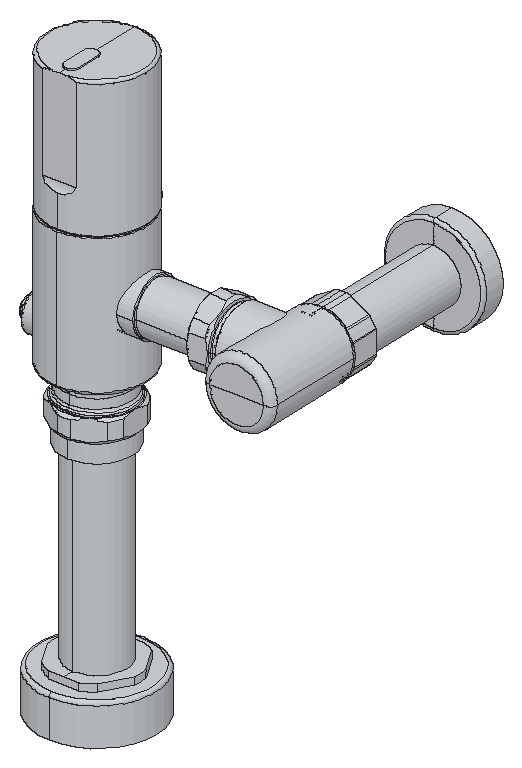
Revit family "Flushometer-Toilet_Touchless-KOHLER-Mach_Wave-K-40TH00K10", category Plumbing Fixtures, host Face, Revit 2021
Family settings
  Host = Face
  Round Connector Dimension = Use Diameter
  Part Type = Normal
  OmniClass Number = 23.27.31.00
  OmniClass Title = Valves
  Cut with Voids When Loaded = No
  Shared = No
  Room Calculation Point = No
Parameters (values of type "CP-Polished Chrome")
  Width [instance] = 5"
  WaterSense Certified = 1 = 1  # yes
  Waste Water Outlet = "Waste Water Outlet"  # constant formula
  Waste Connection = 1 = 0  # no
  Vent Connection = 1 = 0  # no
  URL = "https://www.us.kohler.com/us/"
  Type = 1
  Product Page URL = "http://www.us.kohler.com/us/catalog/productDetails.jsp?productNumber=40TH00K10"
  Product Name = "Mach Wave"  # constant formula
  Product Documentation Link = "https://www.us.kohler.com/webassets/kpna/catalog/pdf/en/K-40TH00K10_spec_US-CA_Kohler_en.pdf"
  Pressure = 80.00 psi  # constant formula
  Model = if(Type = 1, "K-40TH00K10-CP", "NA")  # "K-40TH00K10-CP"
  Material = "Premium Metal Construction"  # constant formula
  Master Format 2014 Name = "Control Valves"  # constant formula
  Master Format 2014 = "23 09 13.33"  # constant formula
  Manufacturer Address = "444 Highland Dr, Kohler, WI 53044"  # constant formula
  Manufacturer = "Kohler Co."  # constant formula
  Length [instance] = 5"
  Hot Water Inlet = "Hot Water Inlet"  # constant formula
  Height [instance] = 15"
  HW Connection = 1 = 0  # no
  Flush Rate- LPF = "3.8 LPF"  # constant formula
  Flush Rate- GPF = "1.0 GPF"  # constant formula
  Flow Rate = 25 GPM  # constant formula
  Finish = Kohler-Metal-CP-Polished_Chrome
  Environmental Product Declaration = ""
  Description = "Touchless toilet flushometer, HES-powered, 1.0 gpf"  # constant formula
  Default Elevation = 36"
  Declare Label = ""
  Date Modified = "04/28/2023"  # constant formula
  Date Created = "04/28/2023"  # constant formula
  Copyright = "Copyright Kohler Co."  # constant formula
  Contact Us = "https://www.us.kohler.com/us/static/contact.jsp"
  Cold Water Outlet = "Cold Water Outlet"  # constant formula
  Cold Water Inlet = "Cold Water Inlet"  # constant formula
  CW Connection = 1 = 1  # yes
  Assembly Code = "D2020"
  ADA Compliant = 1 = 1  # yes
Reference planes (in)
  plane 1 "Center (Front/Back)": y = 0
  plane 2: z = 0
  plane 3 "Center (Left/Right)": x = 0
  plane 4: y = 5
  plane 5: z = 15
  plane 6: x = 5
  plane 7: x = -1.74309
  plane 8: x = 1.50394
  plane 9: x = -1.50394
  plane 10: x = 6.2766
  plane 11: y = 1.55118
  plane 12: y = -1.50394
  plane 13: y = -0.65603
  plane 14: y = 0.65603
  plane 15: x = 3.7234
  plane 16: x = 4.31102
  plane 17: x = 5.69231
  plane 18: y = 1.50394
  plane 19: z = 9.70866
  plane 20: z = 8.57874
  plane 21: z = 10.98819
  plane 22: z = 8.42913
  plane 23: z = 10.39764
  plane 24: z = 9.01969
Dimensions and locks (in)
  "Length": plane 4 to plane 1 "Center (Front/Back)"
  "Height": level to plane 5
  "Width": plane 3 "Center (Left/Right)" to plane 6
  plane 9 to plane 8 = 3.00787"
  plane 3 "Center (Left/Right)" to plane 7 = 1.74309"
  plane 11 to plane 12 = 3.05512"  (x2)
  plane 16 to plane 17 = 1.38129"
  plane 15 to plane 10 = 2.5532"
  plane 15 to plane 6 = 1.2766"
  plane 6 to plane 10 = 1.2766"
  plane 16 to plane 6 = 0.68898"
  plane 6 to plane 17 = 0.69231"
  plane 5 to plane 19 = 5.29134"
  plane 21 to plane 19 = 1.27953"
  plane 5 to plane 20 = 6.42126"
  plane 19 to plane 22 = 1.27953"
  plane 19 to plane 23 = 0.68898"
  plane 24 to plane 19 = 0.68898"
  aligned and locked: plane 2 to host face
  aligned and locked: level to host face
  aligned and locked: plane 3 "Center (Left/Right)" to nested 1
  aligned and locked: plane 1 "Center (Front/Back)" to nested 1
  aligned and locked: plane 19 to nested 1
Automatic sketch dimensions
  host sketch curve to host sketch curve = 96"  (x2)
Nested families (in)
  nested 1: "K-40TH00K10" at (0, 0, -1.88583), type "K-40TH00K10"
    with Width 5", Length 5", Height 15"
Connectors (in)
  piping at (5, 5, 9.70866), diameter 1, driven by "Flow Rate", driven by "Pressure", driven by "CW Connection", driven by "Cold Water Inlet"
    settings: on nested 1, index 1, connector inside diameter 24", connector length 0", flow factor 0, pipe flow 25 GPM, pressure drop 80.00 psi, fitting loss kfactor 0, connector angle 0.00°, fixture units 0, engagement length 0", angle of deflection 0.00°, flow configuration 1, flow direction 1, fitting loss method 4, system type 20, joint type 0, gender type 0, connector reference index -1, connector utility 1, adjustable connector no, is connector primary yes, connector description "Cold Water Inlet"
  piping at (0, 0, 0), diameter 1, driven by "Flow Rate", driven by "Pressure", driven by "CW Connection", driven by "Cold Water Outlet"
    settings: on nested 1, index 2, connector inside diameter 24", connector length 0", flow factor 0, pipe flow 25 GPM, pressure drop 80.00 psi, fitting loss kfactor 0, connector angle 0.00°, fixture units 0, engagement length 0", angle of deflection 0.00°, flow configuration 1, flow direction 2, fitting loss method 4, system type 20, joint type 0, gender type 0, connector reference index -1, connector utility 1, adjustable connector no, is connector primary no, connector description "Cold Water Outlet"
Definition of nested family "K-40TH00K10"
  Parameters (values of type "K-40TH00K10")
    Width = 7.87402"
    Material = none
    Length = 7.87402"
    Height = 19.68504"
    Default Elevation = 0"
  Reference planes (in)
    plane 1 "Center (Front/Back)": y = 0
    plane 2: z = 0
    plane 3 "Center (Left/Right)": x = 0
    plane 4: z = 16.88583
    plane 5: z = 10.46457
    plane 6 "ad": z = 11.59449
    plane 7 "BBB": y = 1.55118
    plane 8: z = 12.87402
    plane 9: z = 10.31496
    plane 10: z = 10.90551
    plane 11: z = 12.28346
    plane 12: y = -0.75
    plane 13: y = 0.75
    plane 14: y = 1.50394
    plane 15: y = -1.50394
    plane 16: y = -1.81621
    plane 17: y = 7.87402
    plane 18: x = -1.74309
    plane 19: x = 9.15061
    plane 20 "fg": x = 7.87402
    plane 21: x = 5
    plane 22: z = 16.91027
    plane 23: z = -2.79921
    plane 24: z = -1.56506
    plane 25: z = -1.74641
    plane 26: x = 6.36614
    plane 27: x = 5.81455
    plane 28 "ZZ": through (0.83608, 0.83469, 48) normal (-0.7071, 0.7071, 0)
    plane 29: x = 1.50394
    plane 30: x = -1.50394
    plane 31: x = 6.59742
    plane 32: x = 7.05094
    plane 33: x = 8.69709
  Forms (in)
    Revolve 1, solid, material <- "Material", detail levels medium+fine
      sketch origin (0, 0, 0) x (0, 1, 0) y (0, 0, 1)
        loop
          line (1.33685, -1.74641) -> (1.33685, -1.65574) -> (1.24618, -1.56506) -> (0.75, -1.56506) -> (0.75, 8.21622) -> (0.87415, 8.21622) -> (0.87415, 8.01937) -> (0.91352, 8.01937) -> (0.91352, 8.49213) -> (1.10316, 8.49213) -> (1.10316, 9.08268) -> (0.93589, 9.08268) -> (0.93589, 9.11557) -> (0.89628, 9.15805)
          arc (0.89628, 9.15805) -> (0.87625, 9.18979) -> (0.86925, 9.22667) r 0.10063
          line (0.86925, 9.22667) -> (0.86925, 9.4666)
          arc (0.86925, 9.4666) -> (0.93451, 9.66059) -> (1.10376, 9.77569) r 0.32096
          arc (1.10376, 9.77569) -> (1.16418, 9.7865) -> (1.22555, 9.7856) r 0.32096
          arc (1.22555, 9.7856) -> (1.2514, 9.79388) -> (1.26248, 9.81866) r 0.03326
          line (1.26248, 9.81866) -> (1.26248, 13.32732)
          arc (1.26248, 13.32732) -> (1.25607, 13.3428) -> (1.24058, 13.34921) r 0.02189
          line (1.24058, 13.34921) -> (1.26068, 13.37687) -> (1.26068, 16.81946)
          arc (1.26068, 16.81946) -> (1.24124, 16.86639) -> (1.19431, 16.88583) r 0.06637
          line (1.19431, 16.88583) -> (0, 16.88583) -> (0, -2.79921) -> (1.50394, -2.79921) -> (1.50394, -1.83476)
          arc (1.50394, -1.83476) -> (1.47806, -1.77229) -> (1.41559, -1.74641) r 0.08835
          line (1.41559, -1.74641) -> (1.33685, -1.74641)
        axis (0, 16.88583) -> (0, -2.79921)
      angle from 0 to 360
    Revolve 2, solid, material <- "Material", detail levels medium+fine
      sketch origin (7.87402, 0, 0) x (0, 1, 0) y (0, 0, 1)
        loop
          line (7.27638, 12.28346) -> (0, 12.28346) -> (0, 11.59449) -> (7.87402, 11.59449) -> (7.87402, 12.87402) -> (7.35512, 12.87402)
          arc (7.35512, 12.87402) -> (7.29944, 12.85095) -> (7.27638, 12.79528) r 0.07874
          line (7.27638, 12.79528) -> (7.27638, 12.28346)
        axis (0, 11.59449) -> (7.87402, 11.59449)
      angle from 0 to 360
    Revolve 3, solid, material <- "Material", detail levels medium+fine
      sketch origin (0, 0, 11.58806) x (1, 0, 0) y (0, 1, 0)
        loop
          line (6.26449, 0) -> (7.87402, 0) -> (7.87402, 0.83626) -> (6.54273, 0.83626) -> (6.4713, 0.76483) -> (6.38852, 0.76483) -> (6.36614, 0.78721) -> (6.36614, 0.65603) -> (1.5036, 0.65603) -> (1.5036, 0.68677)
          arc (1.5036, 0.68677) -> (1.49718, 0.70226) -> (1.48169, 0.70868) r 0.02191
          line (1.48169, 0.70868) -> (0, 0.70868) -> (0, 0) -> (6.26449, 0)
        axis (0, 0) -> (7.87402, 0)
      angle from 0 to 360
    Extrusion 4, void
      sketch origin (0, 0, 0) x (1, 0, 0) y (0, 0, 1)
        loop
          arc (-1.35324, 10.92586) -> (-1.33306, 10.93126) -> (-1.31829, 10.94603) r 0.04035
          line (-1.31829, 10.94603) -> (-1.29626, 10.9842) -> (-1.54562, 10.9842) -> (-1.54562, 10.92586) -> (-1.35324, 10.92586)
        loop
          line (-1.35324, 9.99661) -> (-1.54562, 9.99661) -> (-1.54562, 9.93827) -> (-1.29626, 9.93827) -> (-1.31829, 9.97644)
          arc (-1.31829, 9.97644) -> (-1.33306, 9.99121) -> (-1.35324, 9.99661) r 0.04035
      from -0.88583 to 0.88583
    Extrusion 5, void
      sketch origin (0.01618, 0.00034, -7.84853) x (0.866025, 0.5, 0) y (-0.5, 0.866025, 0)
        loop
          arc (0.17321, 1.09734) -> (-0.0161, 1.11052) -> (-0.20494, 1.09164) r 1.12297
          line (-0.20494, 1.09164) -> (-0.87363, 0.70557)
          arc (-0.87363, 0.70557) -> (-0.97598, 0.55544) -> (-1.05279, 0.39078) r 1.12297
          line (-1.05279, 0.39078) -> (-1.05279, -0.35473)
          arc (-1.05279, -0.35473) -> (-0.9776, -0.53056) -> (-0.87367, -0.69109) r 1.12297
          line (-0.87367, -0.69109) -> (-0.21099, -1.07369)
          arc (-0.21099, -1.07369) -> (-0.0223, -1.09417) -> (0.16714, -1.08258) r 1.12297
          line (0.16714, -1.08258) -> (0.84888, -0.68897)
          arc (0.84888, -0.68897) -> (0.94866, -0.53992) -> (1.02343, -0.37687) r 1.12297
          line (1.02343, -0.37687) -> (1.02343, 0.41316)
          arc (1.02343, 0.41316) -> (0.93434, 0.57726) -> (0.81929, 0.72433) r 1.12297
          line (0.81929, 0.72433) -> (0.17321, 1.09734)
        loop
          circle (0, 0) r 1.5748
      from 6.10212 to 6.28346
    Revolve 6, solid, material <- "Material", detail levels medium+fine
      sketch origin (-0.02016, 0, 11.61417) x (1, 0, 0) y (0, 1, 0)
        loop
          line (7.89418, 0.88583) -> (7.89418, -1.82106) -> (8.57879, -1.82106)
          arc (8.57879, -1.82106) -> (8.71799, -1.76341) -> (8.77564, -1.62421) r 0.19685
          line (8.77564, -1.62421) -> (8.77564, 0.77447)
          arc (8.77564, 0.77447) -> (8.75397, 0.84266) -> (8.6969, 0.88583) r 0.11811
          line (8.6969, 0.88583) -> (7.89418, 0.88583)
        axis (7.89418, -1.82106) -> (7.89418, 0.88583)
      angle from 0 to 360
    Extrusion 7, void
      sketch origin (0, 0.05497, -0.00158) x (0, 1, 0) y (0, 0, 1)
        loop
          line (-1.23865, 17.00104) -> (-1.45635, 17.00104) -> (-1.45635, 14.10617)
          arc (-1.45635, 14.10617) -> (-1.29819, 14.23351) -> (-1.23865, 14.42762) r 0.34617
          line (-1.23865, 14.42762) -> (-1.23865, 17.00104)
      from -0.66165 to 0.49535
    Extrusion 8, solid, material <- "Material", detail levels medium+fine
      sketch origin (0, 0, 0) x (1, 0, 0) y (0, 1, 0)
        loop
          arc (0.18076, -0.20892) -> (0.00137, -0.02953) -> (-0.17801, -0.20892) r 0.17939
          line (-0.17801, -0.20892) -> (-0.17801, -0.79886)
          arc (-0.17801, -0.79886) -> (0.00137, -0.97825) -> (0.18076, -0.79886) r 0.17939
          line (0.18076, -0.79886) -> (0.18076, -0.20892)
      from 16.88583 to 16.91027
    Extrusion 9, solid, material <- "Material", detail levels medium+fine
      sketch origin (7.87402, 0.88583, 11.61417) x (1, 0, 0) y (0, 0, -1)
        loop
          line (-0.65572, -0.57183) -> (-0.20968, -0.82935)
          arc (-0.20968, -0.82935) -> (-0.14118, -0.85929) -> (-0.06775, -0.87333) r 0.3358
          arc (-0.06775, -0.87333) -> (0.00587, -0.87594) -> (0.07945, -0.87235) r 0.87596
          arc (0.07945, -0.87235) -> (0.14347, -0.85944) -> (0.20322, -0.83308) r 0.30239
          line (0.20322, -0.83308) -> (0.65572, -0.57183)
          arc (0.65572, -0.57183) -> (0.6705, -0.56136) -> (0.68309, -0.54835) r 0.09781
          arc (0.68309, -0.54835) -> (0.7586, -0.43798) -> (0.81643, -0.3174) r 0.87596
          arc (0.81643, -0.3174) -> (0.8214, -0.29998) -> (0.82308, -0.28195) r 0.09781
          line (0.82308, -0.28195) -> (0.82308, 0.28195)
          arc (0.82308, 0.28195) -> (0.8214, 0.29998) -> (0.81643, 0.3174) r 0.09781
          arc (0.81643, 0.3174) -> (0.7586, 0.43798) -> (0.68309, 0.54835) r 0.87596
          arc (0.68309, 0.54835) -> (0.6705, 0.56136) -> (0.65572, 0.57183) r 0.09781
          line (0.65572, 0.57183) -> (0.16736, 0.85378)
          arc (0.16736, 0.85378) -> (0.15091, 0.86135) -> (0.13334, 0.86575) r 0.09781
          arc (0.13334, 0.86575) -> (0, 0.87596) -> (-0.13334, 0.86575) r 0.87596
          arc (-0.13334, 0.86575) -> (-0.15091, 0.86135) -> (-0.16736, 0.85378) r 0.09781
          line (-0.16736, 0.85378) -> (-0.65572, 0.57183)
          arc (-0.65572, 0.57183) -> (-0.6705, 0.56136) -> (-0.68309, 0.54835) r 0.09781
          arc (-0.68309, 0.54835) -> (-0.7586, 0.43798) -> (-0.81643, 0.3174) r 0.87596
          arc (-0.81643, 0.3174) -> (-0.8214, 0.29998) -> (-0.82308, 0.28195) r 0.09781
          line (-0.82308, 0.28195) -> (-0.82308, -0.28195)
          arc (-0.82308, -0.28195) -> (-0.8214, -0.29998) -> (-0.81643, -0.3174) r 0.09781
          arc (-0.81643, -0.3174) -> (-0.7586, -0.43798) -> (-0.68309, -0.54835) r 0.87596
          arc (-0.68309, -0.54835) -> (-0.6705, -0.56136) -> (-0.65572, -0.57183) r 0.09781
      from -0.48031 to 0.66417
    Extrusion 10, void
      sketch origin (0, 0, 0) x (1, 0, 0) y (0, 1, 0)
        loop
          arc (0.17573, 1.03506) -> (0, 1.04987) -> (-0.17573, 1.03506) r 1.04987
          line (-0.17573, 1.03506) -> (-0.80852, 0.66972)
          arc (-0.80852, 0.66972) -> (-0.90921, 0.52493) -> (-0.98425, 0.36534) r 1.04987
          line (-0.98425, 0.36534) -> (-0.98425, -0.36534)
          arc (-0.98425, -0.36534) -> (-0.90921, -0.52493) -> (-0.80852, -0.66972) r 1.04987
          line (-0.80852, -0.66972) -> (-0.17573, -1.03506)
          arc (-0.17573, -1.03506) -> (0, -1.04987) -> (0.17573, -1.03506) r 1.04987
          line (0.17573, -1.03506) -> (0.80852, -0.66972)
          arc (0.80852, -0.66972) -> (0.90921, -0.52493) -> (0.98425, -0.36534) r 1.04987
          line (0.98425, -0.36534) -> (0.98425, 0.36534)
          arc (0.98425, 0.36534) -> (0.90921, 0.52493) -> (0.80852, 0.66972) r 1.04987
          line (0.80852, 0.66972) -> (0.17573, 1.03506)
        loop
          circle (0, 0) r 1.37795
      from 8.3214 to 9.25017
    Sweep 11, void
      path origin (0, 0, 0) x (1, 0, 0) y (0, 1, 0)
        loop
          circle (0, 0) r 1.04987
      profile origin (0, -1.04987, 0) x (0, -1, 0) y (0, 0, 1)
        loop
          line (0.06166, 8.95437) -> (0.06166, 9.13276) -> (-0.11673, 9.13276) -> (0.06166, 8.95437)
    Sweep 12, void
      path origin (0, 0, -0.59055) x (1, 0, 0) y (0, 1, 0)
        loop
          circle (0, 0) r 1.04987
      profile origin (0, -1.04987, -0.59055) x (0, -1, 0) y (0, 0, 1)
        loop
          line (0.04936, 9.23138) -> (-0.12903, 9.05298) -> (0.04936, 9.05298) -> (0.04936, 9.23138)
    Revolve 13, solid, material <- "Material", detail levels medium+fine
      sketch origin (0, 0, 11.59449) x (-1, 0, 0) y (0, -1, 0)
        loop
          line (-6.36614, -0.82794) -> (-6.29595, -0.89813) -> (-5.88475, -0.89813) -> (-5.81455, -0.82794) -> (-5.81455, -0.75927) -> (-5.88475, -0.72428) -> (-5.88475, -0.6893) -> (-5.81455, -0.6893) -> (-5.81455, -0.65603) -> (-6.36614, -0.65603) -> (-6.36614, -0.69238) -> (-6.29595, -0.69238) -> (-6.29595, -0.72428) -> (-6.36614, -0.75927) -> (-6.36614, -0.82794)
        axis (-5.81455, 0) -> (-6.36614, 0)
      angle from 0 to 360
    Extrusion 14, void
      sketch origin (0, 0, 0) x (0, 1, 0) y (0, 0, 1)
        loop
          arc (0.06794, 12.52899) -> (0, 12.53146) -> (-0.06794, 12.52899) r 0.93697
          line (-0.06794, 12.52899) -> (-0.77534, 12.12058)
          arc (-0.77534, 12.12058) -> (-0.81144, 12.06297) -> (-0.84327, 12.0029) r 0.93697
          line (-0.84327, 12.0029) -> (-0.84327, 11.18607)
          arc (-0.84327, 11.18607) -> (-0.81144, 11.126) -> (-0.77534, 11.0684) r 0.93697
          line (-0.77534, 11.0684) -> (-0.06794, 10.65998)
          arc (-0.06794, 10.65998) -> (0, 10.65752) -> (0.06794, 10.65998) r 0.93697
          line (0.06794, 10.65998) -> (0.77534, 11.0684)
          arc (0.77534, 11.0684) -> (0.81144, 11.126) -> (0.84327, 11.18607) r 0.93697
          line (0.84327, 11.18607) -> (0.84327, 12.0029)
          arc (0.84327, 12.0029) -> (0.81144, 12.06297) -> (0.77534, 12.12058) r 0.93697
          line (0.77534, 12.12058) -> (0.06794, 12.52899)
        loop
          circle (0, 11.59449) r 1.04291
      from 5.81455 to 6.36614
    Revolve 15, void
      sketch origin (0, 0, 13.56299) x (-1, 0, 0) y (0, -1, 0)
        loop
          line (-0.91321, -0.91181) -> (-0.73967, -0.73827) -> (-0.80782, -0.67012) -> (-0.98136, -0.84366) -> (-0.91321, -0.91181)
        axis (-0.91321, -0.91181) -> (-0.73967, -0.73827)
      angle from 0 to 360
    Revolve 16, solid, detail levels medium+fine
      sketch origin (0.00805, 0.01015, 13.55725) x (-1, 0, 0) y (0, -1, 0)
        loop
          line (-0.83608, -0.83469) -> (-0.86511, -0.86372) -> (-0.83774, -0.90281) -> (-0.86198, -0.92704) -> (-0.8397, -0.94931) -> (-0.80722, -0.94358) -> (-0.7672, -0.90357) -> (-0.83608, -0.83469)
        axis (-0.83608, -0.83469) -> (-0.8952, -0.89381)
      angle from 0 to 360
    Revolve 17, solid, material <- "Material", detail levels medium+fine
      sketch origin (0, 0, 0) x (1, 0, 0) y (0, 0, 1)
        loop
          line (-1.74309, 10.46457) -> (0, 10.46457) -> (0, 10.96545) -> (-1.50376, 10.96545)
          arc (-1.50376, 10.96545) -> (-1.51926, 10.95903) -> (-1.52568, 10.94352) r 0.02192
          line (-1.52568, 10.94352) -> (-1.52568, 10.81613)
          arc (-1.52568, 10.81613) -> (-1.52012, 10.80085) -> (-1.50603, 10.79272) r 0.02378
          line (-1.50603, 10.79272) -> (-1.41759, 10.77712) -> (-1.41759, 10.74033) -> (-1.72098, 10.74033)
          arc (-1.72098, 10.74033) -> (-1.73661, 10.73386) -> (-1.74309, 10.71823) r 0.0221
          line (-1.74309, 10.71823) -> (-1.74309, 10.46457)
        axis (-1.74309, 10.46457) -> (0, 10.46457)
      angle from 0 to 360
    Revolve 18, solid, material <- "Material", detail levels coarse
      sketch origin (0, 0, 0) x (1, 0, 0) y (0, 0, 1)
        loop
          line (-1.26068, 16.91027) -> (-1.26068, 9.78511) -> (-0.75, 9.78511) -> (-0.75, -1.56506) -> (-1.50394, -1.56506) -> (-1.50394, -2.79921) -> (0, -2.79921) -> (0, 16.91027) -> (-1.26068, 16.91027)
        axis (0, 16.91027) -> (0, -2.79921)
      angle from 0 to 360
    Revolve 19, solid, material <- "Material", detail levels coarse
      sketch origin (0, 0, 0) x (1, 0, 0) y (0, 0, 1)
        loop
          line (0, 12.28346) -> (0, 11.59449) -> (7.87402, 11.59449) -> (7.87402, 12.28346) -> (0, 12.28346)
        axis (0, 11.59449) -> (7.87402, 11.59449)
      angle from 0 to 360
    Revolve 20, solid, material <- "Material", detail levels coarse
      sketch origin (0, 0, 11.59449) x (-1, 0, 0) y (0, -1, 0)
        loop
          line (-7.87402, -7.87402) -> (-7.87402, 1.81621) -> (-8.77178, 1.81621) -> (-8.77178, -1.55) -> (-8.56633, -1.55) -> (-8.56633, -7.27638) -> (-9.15061, -7.27638) -> (-9.15061, -7.87402) -> (-7.87402, -7.87402)
        axis (-7.87402, -7.87402) -> (-7.87402, 1.81621)
      angle from 0 to 360
    Revolve 21, solid, material <- "Material", detail levels medium+fine
      sketch origin (0, 0, 11.59449) x (-1, 0, 0) y (0, -1, 0)
        loop
          line (-7.87402, -7.87402) -> (-7.87402, -7.67717) -> (-8.07087, -7.67717) -> (-8.07087, -7.87402) -> (-7.87402, -7.87402)
        axis (-7.87402, -7.67717) -> (-7.87402, -7.87402)
      angle from 0 to 360
    Revolve 22, solid, material <- "Material", detail levels medium+fine
      sketch origin (0, 0, 0) x (1, 0, 0) y (0, 0, 1)
        loop
          line (0, -2.79921) -> (0.19685, -2.79921) -> (0.19685, -2.40551) -> (0, -2.40551) -> (0, -2.79921)
        axis (0, -2.40551) -> (0, -2.79921)
      angle from 0 to 360
  Cuts and joins
    Extrusion 5, Extrusion 7, Extrusion 10, Sweep 11, Sweep 12, Revolve 15 cuts Revolve 1
    Extrusion 14 cuts Revolve 13
    Extrusion 4 cuts Revolve 17
  Lines and regions (in)
    Masking region 1
      outline origin (0, 0, 0) x (1, 0, 0) y (0, 0, 1)
        loop
          line (-0.75, -1.56506) -> (-1.09095, -1.56506) -> (-1.09095, -1.74641) -> (-1.42831, -1.74641)
          arc (-1.42831, -1.74641) -> (-1.48179, -1.76856) -> (-1.50394, -1.82204) r 0.07563
          line (-1.50394, -1.82204) -> (-1.50394, -2.79921) -> (1.50394, -2.79921) -> (1.50394, -1.84802)
          arc (1.50394, -1.84802) -> (1.47418, -1.77617) -> (1.40233, -1.74641) r 0.10161
          line (1.40233, -1.74641) -> (1.09582, -1.74641) -> (1.09582, -1.56506) -> (0.75, -1.56506) -> (0.75, 8.01937) -> (0.91352, 8.01937) -> (0.91352, 8.49213) -> (0.95053, 8.49213) -> (0.98425, 8.52585) -> (0.98425, 9.08268) -> (0.93589, 9.08268) -> (0.93589, 9.11557) -> (0.90058, 9.15088)
          arc (0.90058, 9.15088) -> (0.87624, 9.18731) -> (0.86769, 9.23029) r 0.1123
          line (0.86769, 9.23029) -> (0.86769, 9.45646)
          arc (0.86769, 9.45646) -> (0.96426, 9.68961) -> (1.19741, 9.78619) r 0.32972
          line (1.19741, 9.78619) -> (1.24003, 9.78619)
          arc (1.24003, 9.78619) -> (1.25591, 9.79276) -> (1.26248, 9.80864) r 0.02245
          line (1.26248, 9.80864) -> (1.26248, 10.88849) -> (1.48233, 10.88849)
          arc (1.48233, 10.88849) -> (1.49815, 10.89536) -> (1.50394, 10.91161) r 0.02165
          line (1.50394, 10.91161) -> (1.50394, 10.94488) -> (5.81455, 10.94488) -> (5.81455, 10.77985) -> (5.88475, 10.70965) -> (6.29595, 10.70965) -> (6.36614, 10.77985) -> (6.36614, 10.8137) -> (6.38852, 10.83608) -> (6.4713, 10.83608) -> (6.54298, 10.7644) -> (6.90029, 10.7644)
          arc (6.90029, 10.7644) -> (9.15354, 11.59449) -> (6.90029, 12.42458) r 1.27953
          line (6.90029, 12.42458) -> (6.54298, 12.42458) -> (6.4713, 12.3529) -> (6.38852, 12.3529) -> (6.36614, 12.37528) -> (6.36614, 12.40913) -> (6.29595, 12.47932) -> (5.88475, 12.47932) -> (5.81455, 12.40913) -> (5.81455, 12.24409) -> (1.50394, 12.24409) -> (1.50394, 12.27737)
          arc (1.50394, 12.27737) -> (1.49815, 12.29361) -> (1.48233, 12.30048) r 0.02165
          line (1.48233, 12.30048) -> (1.26248, 12.30048) -> (1.26248, 13.31641)
          arc (1.26248, 13.31641) -> (1.2565, 13.33613) -> (1.24058, 13.34921) r 0.03551
          line (1.24058, 13.34921) -> (1.26068, 13.37687) -> (1.26068, 16.79365)
          arc (1.26068, 16.79365) -> (1.23368, 16.85883) -> (1.1685, 16.88583) r 0.09218
          line (1.1685, 16.88583) -> (0.2052, 16.88583) -> (0.18076, 16.91027) -> (-0.17801, 16.91027) -> (-0.20245, 16.88583) -> (-1.1685, 16.88583)
          arc (-1.1685, 16.88583) -> (-1.23368, 16.85883) -> (-1.26068, 16.79365) r 0.09218
          line (-1.26068, 16.79365) -> (-1.26068, 13.37687) -> (-1.24058, 13.34921)
          arc (-1.24058, 13.34921) -> (-1.2565, 13.33613) -> (-1.26248, 13.31641) r 0.03551
          line (-1.26248, 13.31641) -> (-1.26248, 10.96577) -> (-1.31289, 10.96577)
          arc (-1.31289, 10.96577) -> (-1.32486, 10.93752) -> (-1.35324, 10.92586) r 0.04035
          line (-1.35324, 10.92586) -> (-1.52568, 10.92586) -> (-1.52568, 10.74182) -> (-1.71588, 10.74182)
          arc (-1.71588, 10.74182) -> (-1.73512, 10.73385) -> (-1.74309, 10.71462) r 0.0272
          line (-1.74309, 10.71462) -> (-1.74309, 10.21452)
          arc (-1.74309, 10.21452) -> (-1.73512, 10.19528) -> (-1.71588, 10.18731) r 0.0272
          line (-1.71588, 10.18731) -> (-1.52568, 10.18731) -> (-1.52568, 9.99661) -> (-1.35324, 9.99661)
          arc (-1.35324, 9.99661) -> (-1.32745, 9.9873) -> (-1.31357, 9.96366) r 0.04035
          line (-1.31357, 9.96366) -> (-1.26248, 9.96366) -> (-1.26248, 9.80864)
          arc (-1.26248, 9.80864) -> (-1.25591, 9.79276) -> (-1.24003, 9.78619) r 0.02245
          line (-1.24003, 9.78619) -> (-1.19741, 9.78619)
          arc (-1.19741, 9.78619) -> (-0.96426, 9.68961) -> (-0.86769, 9.45646) r 0.32972
          line (-0.86769, 9.45646) -> (-0.86769, 9.23029)
          arc (-0.86769, 9.23029) -> (-0.87624, 9.18731) -> (-0.90058, 9.15088) r 0.1123
          line (-0.90058, 9.15088) -> (-0.93589, 9.11557) -> (-0.93589, 9.08268) -> (-0.98425, 9.08268) -> (-0.98425, 8.52585) -> (-0.95053, 8.49213) -> (-0.91352, 8.49213) -> (-0.91352, 8.01937) -> (-0.75, 8.01937) -> (-0.75, -1.56506)
    Masking region 2
      outline origin (7.87402, 0, 0) x (0, 1, 0) y (0, 0, 1)
        loop
          line (1.50394, -2.79921) -> (1.50394, -1.82365)
          arc (1.50394, -1.82365) -> (1.48132, -1.76903) -> (1.4267, -1.74641) r 0.07724
          line (1.4267, -1.74641) -> (1.035, -1.74641) -> (1.035, -1.56506) -> (0.75, -1.56506) -> (0.75, 8.01937) -> (0.91352, 8.01937) -> (0.91352, 8.49213) -> (0.95053, 8.49213) -> (1.05008, 8.59168) -> (1.05008, 9.01582) -> (0.98322, 9.08268) -> (0.93589, 9.08268) -> (0.93589, 9.11557) -> (0.90806, 9.14339)
          arc (0.90806, 9.14339) -> (0.87975, 9.18577) -> (0.86981, 9.23576) r 0.13062
          line (0.86981, 9.23576) -> (0.86981, 9.45405)
          arc (0.86981, 9.45405) -> (0.96907, 9.69135) -> (1.20773, 9.7873) r 0.33328
          arc (1.20773, 9.7873) -> (1.24807, 9.80352) -> (1.26485, 9.84363) r 0.05634
          line (1.26485, 9.84363) -> (1.26485, 10.73822) -> (1.55, 10.73822) -> (1.55, 10.90551) -> (7.28847, 10.90551) -> (7.28847, 10.35433)
          arc (7.28847, 10.35433) -> (7.3, 10.32649) -> (7.32784, 10.31496) r 0.03937
          line (7.32784, 10.31496) -> (7.87402, 10.31496) -> (7.87402, 12.87402) -> (7.32784, 12.87402)
          arc (7.32784, 12.87402) -> (7.3, 12.86248) -> (7.28847, 12.83465) r 0.03937
          line (7.28847, 12.83465) -> (7.28847, 12.28346) -> (1.55, 12.28346) -> (1.55, 12.49013) -> (1.26485, 12.49013) -> (1.26485, 13.32888)
          arc (1.26485, 13.32888) -> (1.25746, 13.34471) -> (1.24058, 13.34921) r 0.02065
          line (1.24058, 13.34921) -> (1.26068, 13.37687) -> (1.26068, 16.82063)
          arc (1.26068, 16.82063) -> (1.24158, 16.86673) -> (1.19548, 16.88583) r 0.0652
          line (1.19548, 16.88583) -> (-0.00509, 16.88583) -> (-0.02953, 16.91027) -> (-0.97825, 16.91027) -> (-1.00269, 16.88583) -> (-1.14634, 16.88583)
          arc (-1.14634, 16.88583) -> (-1.17274, 16.87489) -> (-1.18368, 16.8485) r 0.03733
          line (-1.18368, 16.8485) -> (-1.18368, 14.42604)
          arc (-1.18368, 14.42604) -> (-1.20349, 14.31059) -> (-1.26068, 14.20836) r 0.34617
          line (-1.26068, 14.20836) -> (-1.26068, 13.37687) -> (-1.24058, 13.34921)
          arc (-1.24058, 13.34921) -> (-1.25746, 13.34471) -> (-1.26485, 13.32888) r 0.02065
          line (-1.26485, 13.32888) -> (-1.26485, 12.49782) -> (-1.61936, 12.49782)
          arc (-1.61936, 12.49782) -> (-1.75856, 12.44016) -> (-1.81621, 12.30097) r 0.19685
          line (-1.81621, 12.30097) -> (-1.81621, 10.93722)
          arc (-1.81621, 10.93722) -> (-1.75856, 10.79803) -> (-1.61936, 10.74037) r 0.19685
          line (-1.61936, 10.74037) -> (-1.26485, 10.74037) -> (-1.26485, 9.84363)
          arc (-1.26485, 9.84363) -> (-1.24807, 9.80352) -> (-1.20773, 9.7873) r 0.05634
          arc (-1.20773, 9.7873) -> (-0.96907, 9.69135) -> (-0.86981, 9.45405) r 0.33328
          line (-0.86981, 9.45405) -> (-0.86981, 9.23576)
          arc (-0.86981, 9.23576) -> (-0.87975, 9.18577) -> (-0.90806, 9.14339) r 0.13062
          line (-0.90806, 9.14339) -> (-0.93589, 9.11557) -> (-0.93589, 9.08268) -> (-0.98322, 9.08268) -> (-1.05008, 9.01582) -> (-1.05008, 8.59168) -> (-0.95053, 8.49213) -> (-0.91352, 8.49213) -> (-0.91352, 8.01937) -> (-0.75, 8.01937) -> (-0.75, -1.56506) -> (-1.035, -1.56506) -> (-1.035, -1.74641) -> (-1.41984, -1.74641)
          arc (-1.41984, -1.74641) -> (-1.47931, -1.77104) -> (-1.50394, -1.8305) r 0.0841
          line (-1.50394, -1.8305) -> (-1.50394, -2.79921) -> (1.50394, -2.79921)
    Masking region 3
      outline origin (0, 0, 11.59449) x (-1, 0, 0) y (0, -1, 0)
        loop
          line (-6.59742, -7.87402) -> (-6.59742, -7.27638) -> (-7.1817, -7.27638) -> (-7.1817, -1.55) -> (-7.05094, -1.55) -> (-7.05094, -0.89227)
          arc (-7.05094, -0.89227) -> (-7.03453, -0.85267) -> (-6.99493, -0.83626) r 0.05601
          line (-6.99493, -0.83626) -> (-6.54273, -0.83626) -> (-6.4713, -0.76483) -> (-6.38852, -0.76483) -> (-6.36614, -0.78721) -> (-6.36614, -0.84327) -> (-5.81455, -0.84327) -> (-5.81455, -0.65603) -> (-1.50394, -0.65603) -> (-1.50394, -0.70663) -> (-1.35217, -0.70663)
          arc (-1.35217, -0.70663) -> (0.11071, -1.52166) -> (1.44021, -0.50347) r 1.52568
          line (1.44021, -0.50347) -> (1.50394, -0.50347) -> (1.50394, -0.27671) -> (1.71677, -0.27671)
          arc (1.71677, -0.27671) -> (1.73538, -0.26901) -> (1.74309, -0.25039) r 0.02632
          line (1.74309, -0.25039) -> (1.74309, 0.25016)
          arc (1.74309, 0.25016) -> (1.73578, 0.2678) -> (1.71813, 0.27511) r 0.02495
          line (1.71813, 0.27511) -> (1.50394, 0.27511) -> (1.50394, 0.49727) -> (1.44237, 0.49727)
          arc (1.44237, 0.49727) -> (0.11336, 1.52146) -> (-1.35275, 0.70552) r 1.52568
          line (-1.35275, 0.70552) -> (-1.50394, 0.70552) -> (-1.50394, 0.65603) -> (-5.81455, 0.65603) -> (-5.81455, 0.84327) -> (-6.36614, 0.84327) -> (-6.36614, 0.78721) -> (-6.38852, 0.76483) -> (-6.4713, 0.76483) -> (-6.54273, 0.83626) -> (-6.97625, 0.83626) -> (-6.97625, 1.61936)
          arc (-6.97625, 1.61936) -> (-7.0339, 1.75856) -> (-7.1731, 1.81621) r 0.19685
          line (-7.1731, 1.81621) -> (-8.57493, 1.81621)
          arc (-8.57493, 1.81621) -> (-8.71413, 1.75856) -> (-8.77178, 1.61936) r 0.19685
          line (-8.77178, 1.61936) -> (-8.77178, -0.75)
          arc (-8.77178, -0.75) -> (-8.75188, -0.8275) -> (-8.69709, -0.88583) r 0.16085
          line (-8.69709, -0.88583) -> (-8.69709, -1.55) -> (-8.56633, -1.55) -> (-8.56633, -7.27638) -> (-9.15061, -7.27638) -> (-9.15061, -7.87402) -> (-6.59742, -7.87402)
    symbolic lines, detail levels medium+fine
      curve 1: line (-0.43385, 0, 14.42604) -> (-0.43385, 0, 16.88583)
      curve 2: line (0, 0, 14.20836) -> (-0.43385, 0, 14.42604)
      curve 3: line (0.43385, 0, 14.42604) -> (0, 0, 14.20836)
      curve 4: line (0.43385, 0, 16.88583) -> (0.43385, 0, 14.42604)
      curve 5: line (-1.26068, 0, 13.37687) -> (1.26068, 0, 13.37687)
      curve 6: line (-1.26248, 0, 13.31641) -> (1.26248, 0, 13.31641)
      curve 7: line (1.24058, 0, 13.34921) -> (-1.24058, 0, 13.34921)
      curve 8: line (1.24003, 0, 9.78619) -> (-1.24003, 0, 9.78619)
      curve 9: line (-0.86769, 0, 9.45646) -> (0.86769, 0, 9.45646)
      curve 10: line (0.86769, 0, 9.23029) -> (-0.86769, 0, 9.23029)
      curve 11: line (-0.93589, 0, 9.08268) -> (0.93589, 0, 9.08268)
      curve 12: line (0.93589, 0, 9.11557) -> (-0.93589, 0, 9.11557)
      curve 13: line (-0.91352, 0, 8.49213) -> (0.91352, 0, 8.49213)
      curve 14: line (-0.98425, 0, 8.52585) -> (0.98425, 0, 8.52585)
      curve 15: line (-0.75, 0, 8.01937) -> (0.75, 0, 8.01937)
      curve 16: line (-1.50394, 0, -1.82204) -> (1.50394, 0, -1.84802)
      curve 17: line (1.13798, 0, -1.74641) -> (-1.15561, 0, -1.74641)
      curve 18: line (-0.88867, 0, -1.56506) -> (0.88867, 0, -1.56506)
      curve 19: line (-1.31289, 0, 10.96577) -> (-1.31357, 0, 9.96366)
      curve 20: line (-1.35324, 0, 9.99661) -> (-1.35324, 0, 10.92586)
      curve 21: line (-1.71588, 0, 10.74182) -> (-1.71588, 0, 10.18731)
      curve 22: line (-1.52568, 0, 10.74182) -> (-1.52568, 0, 10.18731)
      curve 23: line (1.48233, 0, 12.30048) -> (1.48233, 0, 10.88849)
      curve 24: line (1.50394, 0, 12.24409) -> (1.50394, 0, 10.94488)
      curve 25: line (-0.80852, 0, 8.59147) -> (-0.80852, 0, 9.01603)
      curve 26: spline (-0.17573, 0, 9.01603) -> (-0.22675, 0, 9.03593) -> (-0.2787, 0, 9.05231) -> (-0.3314, 0, 9.06511) -> (-0.38466, 0, 9.07429) -> (-0.4383, 0, 9.07981) -> (-0.49213, 0, 9.08165) -> (-0.54595, 0, 9.07981) -> (-0.59959, 0, 9.07429) -> (-0.65285, 0, 9.06511) -> (-0.70555, 0, 9.05231) -> (-0.7575, 0, 9.03593) -> (-0.80852, 0, 9.01603)
      curve 27: line (-0.17573, 0, 8.59147) -> (-0.17573, 0, 9.01603)
      curve 28: line (-0.17573, 0, 9.01603) -> (0.17573, 0, 9.01603)
      curve 29: spline (0.80852, 0, 9.01603) -> (0.7575, 0, 9.03593) -> (0.70555, 0, 9.05231) -> (0.65285, 0, 9.06511) -> (0.59959, 0, 9.07429) -> (0.54595, 0, 9.07981) -> (0.49213, 0, 9.08165) -> (0.4383, 0, 9.07981) -> (0.38466, 0, 9.07429) -> (0.3314, 0, 9.06511) -> (0.2787, 0, 9.05231) -> (0.22675, 0, 9.03593) -> (0.17573, 0, 9.01603)
      curve 30: line (0.80852, 0, 8.59147) -> (0.80852, 0, 9.01603)
      curve 31: spline (0.17573, 0, 8.59147) -> (0.22675, 0, 8.57156) -> (0.2787, 0, 8.55518) -> (0.3314, 0, 8.54238) -> (0.38466, 0, 8.53321) -> (0.4383, 0, 8.52769) -> (0.49213, 0, 8.52585) -> (0.54595, 0, 8.52769) -> (0.59959, 0, 8.53321) -> (0.65285, 0, 8.54238) -> (0.70555, 0, 8.55518) -> (0.7575, 0, 8.57156) -> (0.80852, 0, 8.59147)
      curve 32: line (-0.17573, 0, 8.59147) -> (0.17573, 0, 8.59147)
      curve 33: spline (-0.80852, 0, 8.59147) -> (-0.7575, 0, 8.57156) -> (-0.70555, 0, 8.55518) -> (-0.65285, 0, 8.54238) -> (-0.59959, 0, 8.53321) -> (-0.54595, 0, 8.52769) -> (-0.49213, 0, 8.52585) -> (-0.4383, 0, 8.52769) -> (-0.38466, 0, 8.53321) -> (-0.3314, 0, 8.54238) -> (-0.2787, 0, 8.55518) -> (-0.22675, 0, 8.57156) -> (-0.17573, 0, 8.59147)
      curve 34: line (-0.98425, 0, 9.01603) -> (-0.80852, 0, 9.01603)
      curve 35: line (-0.98425, 0, 8.59147) -> (-0.80852, 0, 8.59147)
      curve 36: line (0.80852, 0, 8.59147) -> (0.98425, 0, 8.59147)
      curve 37: line (0.80852, 0, 9.01603) -> (0.98425, 0, 9.01603)
      curve 38: line (-0.71819, 0, -1.74641) -> (-0.71819, 0, -1.59819)
      curve 39: line (-0.39489, 0, -1.74641) -> (-0.39489, 0, -1.59819)
      curve 40: line (0.37031, 0, -1.74641) -> (0.37031, 0, -1.59819)
      curve 41: line (-1.07864, 0, -1.59819) -> (-1.07864, 0, -1.74641)
      curve 42: line (1.07864, 0, -1.59819) -> (1.07864, 0, -1.74641)
      curve 43: line (0.71819, 0, -1.74641) -> (0.71819, 0, -1.59819)
      curve 44: arc (-1.26248, 0, 10.96577) -> (-1.16227, 0, 10.46472) -> (-1.26248, 0, 9.96366) r 1.3027
      curve 45: arc (1.37241, 0, 12.30048) -> (1.31281, 0, 11.59449) -> (1.37241, 0, 10.88849) r 4.21141
      curve 46: line (-0.41417, 0, 16.88583) -> (-0.41417, 0, 14.43179)
      curve 47: line (0.41417, 0, 14.43179) -> (0.41417, 0, 16.88583)
      curve 48: line (-0.41417, 0, 14.43179) -> (0, 0, 14.22805)
      curve 49: line (0, 0, 14.22805) -> (0.41417, 0, 14.43179)
      curve 50: line (-0.43385, 0, 14.42604) -> (0.43385, 0, 14.42604)
      curve 51: line (-1.26068, 0, 16.79365) -> (1.26068, 0, 16.79365)
      curve 52: line (-0.20245, 0, 16.88583) -> (0.2052, 0, 16.88583)
      curve 53: line (7.87402, 1.26068, 16.82063) -> (7.87402, -1.18368, 16.81946)
      curve 54: line (7.87402, -0.00509, 16.88583) -> (7.87402, -1.00269, 16.88583)
      curve 55: line (7.87402, 1.24058, 13.34921) -> (7.87402, -1.24058, 13.34921)
      curve 56: line (7.87402, -1.26068, 13.37687) -> (7.87402, 1.26068, 13.37687)
      curve 57: line (7.87402, 1.26485, 13.32888) -> (7.87402, -1.26485, 13.32888)
      curve 58: line (7.87402, 1.26485, 12.48751) -> (7.87402, 1.26485, 10.72844)
      curve 59: line (7.87402, -1.26485, 12.49782) -> (7.87402, -1.26485, 10.74037)
      curve 60: line (7.87402, -1.61936, 12.49782) -> (7.87402, -1.61936, 10.74037)
      curve 61: arc (7.87402, 0, 9.96369) -> (7.87402, -0.50088, 10.46457) -> (7.87402, 0, 10.96545) r 0.50088
      curve 62: arc (7.87402, 0, 10.96545) -> (7.87402, 0.50088, 10.46457) -> (7.87402, 0, 9.96369) r 0.50088
      curve 63: line (7.87402, 0.1786, 9.99661) -> (7.87402, -0.1786, 9.99661)
      curve 64: line (7.87402, -0.19517, 10.92586) -> (7.87402, 0.19517, 10.92586)
      curve 65: circle (7.87402, 0, 10.46457) r 0.31255 normal (1, 0, 0)
      curve 66: circle (7.87402, 0, 10.46457) r 0.27576 normal (-1, 0, 0)
      curve 67: circle (7.87402, 0, 10.46457) r 0.28687 normal (1, 0, 0)
      curve 68: line (7.87402, 0.75, -1.56506) -> (7.87402, -0.75, -1.56506)
      curve 69: line (7.87402, 1.035, -1.74641) -> (7.87402, -1.035, -1.74641)
      curve 70: line (7.87402, -1.50394, -1.8305) -> (7.87402, 1.50394, -1.82365)
      curve 71: line (7.87402, 0.84326, -1.74641) -> (7.87402, 0.84326, -1.60335)
      curve 72: line (7.87402, 0.17456, -1.74641) -> (7.87402, 0.17456, -1.60335)
      curve 73: line (7.87402, -0.18763, -1.74641) -> (7.87402, -0.18763, -1.60335)
      curve 74: line (7.87402, -0.85364, -1.74641) -> (7.87402, -0.85364, -1.60335)
      curve 75: line (7.87402, -1.035, -1.60335) -> (7.87402, 1.035, -1.60335)
      curve 76: line (7.87402, 0.98322, 9.08268) -> (7.87402, -0.98322, 9.08268)
      curve 77: line (7.87402, -0.93589, 9.11557) -> (7.87402, 0.93589, 9.11557)
      curve 78: spline (7.87402, 0.66972, 9.01603) -> (7.87402, 0.69917, 9.03593) -> (7.87402, 0.72917, 9.05231) -> (7.87402, 0.75959, 9.06511) -> (7.87402, 0.79034, 9.07429) -> (7.87402, 0.82131, 9.07981) -> (7.87402, 0.85239, 9.08165) -> (7.87402, 0.88346, 9.07981) -> (7.87402, 0.91443, 9.07429) -> (7.87402, 0.94518, 9.06511) -> (7.87402, 0.97561, 9.05231) -> (7.87402, 1.0056, 9.03593) -> (7.87402, 1.03506, 9.01603)
      curve 79: line (7.87402, 1.03506, 8.59147) -> (7.87402, 1.03506, 9.01603)
      curve 80: spline (7.87402, 1.03506, 8.59147) -> (7.87402, 1.0056, 8.57156) -> (7.87402, 0.97561, 8.55518) -> (7.87402, 0.94518, 8.54238) -> (7.87402, 0.91443, 8.53321) -> (7.87402, 0.88346, 8.52769) -> (7.87402, 0.85239, 8.52585) -> (7.87402, 0.82131, 8.52769) -> (7.87402, 0.79034, 8.53321) -> (7.87402, 0.75959, 8.54238) -> (7.87402, 0.72917, 8.55518) -> (7.87402, 0.69917, 8.57156) -> (7.87402, 0.66972, 8.59147)
      curve 81: line (7.87402, 0.66972, 8.59147) -> (7.87402, 0.66972, 9.01603)
      curve 82: line (7.87402, 0.66972, 9.01603) -> (7.87402, 0.36534, 9.01603)
      curve 83: line (7.87402, 0.36534, 8.59147) -> (7.87402, 0.36534, 9.01603)
      curve 84: line (7.87402, 0.95053, 8.49213) -> (7.87402, -0.95053, 8.49213)
      curve 85: line (7.87402, 0.36534, 8.59147) -> (7.87402, 0.66972, 8.59147)
      curve 86: arc (7.87402, 0.36534, 8.59147) -> (7.87402, 0.18545, 8.54317) -> (7.87402, 0, 8.52585) r 1.10221
      curve 87: arc (7.87402, 0, 8.52585) -> (7.87402, -0.18545, 8.54317) -> (7.87402, -0.36534, 8.59147) r 1.10221
      curve 88: line (7.87402, -0.66972, 8.59147) -> (7.87402, -0.36534, 8.59147)
      curve 89: spline (7.87402, -0.66972, 8.59147) -> (7.87402, -0.69917, 8.57156) -> (7.87402, -0.72917, 8.55518) -> (7.87402, -0.75959, 8.54238) -> (7.87402, -0.79034, 8.53321) -> (7.87402, -0.82131, 8.52769) -> (7.87402, -0.85239, 8.52585) -> (7.87402, -0.88346, 8.52769) -> (7.87402, -0.91443, 8.53321) -> (7.87402, -0.94518, 8.54238) -> (7.87402, -0.97561, 8.55518) -> (7.87402, -1.0056, 8.57156) -> (7.87402, -1.03506, 8.59147)
      curve 90: line (7.87402, -1.03506, 8.59147) -> (7.87402, -1.03506, 9.01603)
      curve 91: spline (7.87402, -1.03506, 9.01603) -> (7.87402, -1.0056, 9.03593) -> (7.87402, -0.97561, 9.05231) -> (7.87402, -0.94518, 9.06511) -> (7.87402, -0.91443, 9.07429) -> (7.87402, -0.88346, 9.07981) -> (7.87402, -0.85239, 9.08165) -> (7.87402, -0.82131, 9.07981) -> (7.87402, -0.79034, 9.07429) -> (7.87402, -0.75959, 9.06511) -> (7.87402, -0.72917, 9.05231) -> (7.87402, -0.69917, 9.03593) -> (7.87402, -0.66972, 9.01603)
      curve 92: line (7.87402, -0.66972, 8.59147) -> (7.87402, -0.66972, 9.01603)
      curve 93: line (7.87402, -0.36534, 9.01603) -> (7.87402, -0.66972, 9.01603)
      curve 94: line (7.87402, -0.36534, 8.59147) -> (7.87402, -0.36534, 9.01603)
      curve 95: arc (7.87402, -0.36534, 9.01603) -> (7.87402, -0.1854, 9.06434) -> (7.87402, 0, 9.08268) r 1.13946
      curve 96: arc (7.87402, 0, 9.08268) -> (7.87402, 0.1854, 9.06434) -> (7.87402, 0.36534, 9.01603) r 1.13946
      curve 97: line (7.87402, 0.91352, 8.01937) -> (7.87402, -0.91352, 8.01937)
      curve 98: line (7.87402, 0.86981, 9.45405) -> (7.87402, -0.86981, 9.45405)
      curve 99: line (7.87402, -0.86981, 9.23576) -> (7.87402, 0.86981, 9.23576)
      curve 100: line (7.87402, 0.90806, 9.14339) -> (7.87402, -0.90806, 9.14339)
      curve 101: line (7.87402, 1.20773, 9.7873) -> (7.87402, -1.19845, 9.7873)
      curve 102: line (7.87402, -1.26485, 9.84363) -> (7.87402, 1.26485, 9.84363)
      curve 103: line (7.87402, 7.28847, 12.28346) -> (7.87402, 7.28847, 10.90551)
      curve 104: line (7.87402, 7.1811, 12.28346) -> (7.87402, 7.1811, 10.90551)
      curve 105: line (7.87402, 7.32784, 12.87402) -> (7.87402, 7.32784, 10.31496)
      curve 106: line (7.87402, 7.1811, 12.25603) -> (7.87402, 7.28847, 12.25603)
      curve 107: line (7.87402, 7.1811, 11.86144) -> (7.87402, 7.28847, 11.86144)
      curve 108: line (7.87402, 7.1811, 11.84127) -> (7.87402, 7.28847, 11.84127)
      curve 109: line (7.87402, 7.1811, 11.32753) -> (7.87402, 7.28847, 11.32753)
      curve 110: line (7.87402, 7.1811, 11.34771) -> (7.87402, 7.28847, 11.34771)
      curve 111: line (7.87402, 7.1811, 10.93295) -> (7.87402, 7.28847, 10.93295)
      curve 112: arc (1.26248, 0, 12.42027) -> (1.17942, 0, 11.58105) -> (1.26248, 0, 10.74182) r 4.28135
      curve 113: line (5.81455, 0.65603, 11.59449) -> (5.81455, -0.65603, 11.59449)
      curve 114: line (6.36614, 0.78721, 11.59449) -> (6.36614, -0.82794, 11.59449)
      curve 115: line (6.38852, 0.76483, 11.59449) -> (6.38852, -0.76483, 11.59449)
      curve 116: line (6.4713, 0.76483, 11.59449) -> (6.4713, -0.76483, 11.59449)
      curve 117: line (6.54273, 0.83626, 11.59449) -> (6.54273, -0.83626, 11.59449)
      curve 118: arc (6.99493, 0.83626, 11.59449) -> (7.31284, -0.00365, 11.59449) -> (6.97625, -0.83626, 11.59449) r 1.23221
      curve 119: line (6.97625, -1.61936, 11.59449) -> (8.77178, -1.61936, 11.59449)
      curve 120: line (5.88475, 0.6893, 11.59449) -> (6.29595, 0.6893, 11.59449)
      curve 121: line (6.29595, 0.15397, 11.59449) -> (5.88475, 0.15397, 11.59449)
      curve 122: line (5.88475, -0.15397, 11.59449) -> (6.29595, -0.15397, 11.59449)
      curve 123: line (6.29595, -0.6893, 11.59449) -> (5.88475, -0.6893, 11.59449)
      curve 124: spline (5.88475, 0.15397, 11.59449) -> (5.8681, 0.19716, 11.59449) -> (5.85441, 0.24113, 11.59449) -> (5.84371, 0.28571, 11.59449) -> (5.83604, 0.33076, 11.59449) -> (5.83143, 0.37612, 11.59449) -> (5.82989, 0.42164, 11.59449) -> (5.83143, 0.46715, 11.59449) -> (5.83604, 0.51251, 11.59449) -> (5.84371, 0.55756, 11.59449) -> (5.85441, 0.60214, 11.59449) -> (5.8681, 0.64611, 11.59449) -> (5.88475, 0.6893, 11.59449)
      curve 125: spline (6.29595, 0.6893, 11.59449) -> (6.31259, 0.64611, 11.59449) -> (6.32629, 0.60214, 11.59449) -> (6.33699, 0.55756, 11.59449) -> (6.34465, 0.51251, 11.59449) -> (6.34927, 0.46715, 11.59449) -> (6.35081, 0.42164, 11.59449) -> (6.34927, 0.37612, 11.59449) -> (6.34465, 0.33076, 11.59449) -> (6.33699, 0.28571, 11.59449) -> (6.32629, 0.24113, 11.59449) -> (6.31259, 0.19716, 11.59449) -> (6.29595, 0.15397, 11.59449)
      curve 126: spline (6.29595, -0.15397, 11.59449) -> (6.31259, -0.19716, 11.59449) -> (6.32629, -0.24113, 11.59449) -> (6.33699, -0.28571, 11.59449) -> (6.34465, -0.33076, 11.59449) -> (6.34927, -0.37612, 11.59449) -> (6.35081, -0.42164, 11.59449) -> (6.34927, -0.46715, 11.59449) -> (6.34465, -0.51251, 11.59449) -> (6.33699, -0.55756, 11.59449) -> (6.32629, -0.60214, 11.59449) -> (6.31259, -0.64611, 11.59449) -> (6.29595, -0.6893, 11.59449)
      curve 127: spline (5.88475, -0.6893, 11.59449) -> (5.8681, -0.64611, 11.59449) -> (5.85441, -0.60214, 11.59449) -> (5.84371, -0.55756, 11.59449) -> (5.83604, -0.51251, 11.59449) -> (5.83143, -0.46715, 11.59449) -> (5.82989, -0.42164, 11.59449) -> (5.83143, -0.37612, 11.59449) -> (5.83604, -0.33076, 11.59449) -> (5.84371, -0.28571, 11.59449) -> (5.85441, -0.24113, 11.59449) -> (5.8681, -0.19716, 11.59449) -> (5.88475, -0.15397, 11.59449)
      curve 128: line (5.88475, 0.6893, 11.59449) -> (5.88475, 0.84327, 11.59449)
      curve 129: line (6.29595, 0.6893, 11.59449) -> (6.29595, 0.84327, 11.59449)
      curve 130: line (5.88475, 0.15397, 11.59449) -> (5.88475, -0.15397, 11.59449)
      curve 131: line (5.88475, -0.6893, 11.59449) -> (5.88475, -0.84327, 11.59449)
      curve 132: line (6.29595, 0.15397, 11.59449) -> (6.29595, -0.15397, 11.59449)
      curve 133: line (6.29595, -0.6893, 11.59449) -> (6.29595, -0.84327, 11.59449)
      curve 134: line (7.05094, 0.89227, 11.59449) -> (8.69709, 0.88583, 11.59449)
      curve 135: line (7.1817, 1.55, 11.59449) -> (8.56633, 1.55, 11.59449)
      curve 136: line (7.18504, 7.27638, 11.59449) -> (8.56633, 7.27638, 11.59449)
      curve 137: line (1.50394, 0.65603, 11.59449) -> (1.50394, -0.65603, 11.59449)
      curve 138: line (6.59742, 7.31325, 11.59449) -> (9.15061, 7.31325, 11.59449)
      curve 139: line (6.97625, -0.83626, 11.59449) -> (8.77178, -0.83626, 11.59449)
      curve 140: line (7.2183, 1.55, 11.59449) -> (7.2183, 1.09723, 11.59449)
      curve 141: line (7.2183, 1.09723, 11.59449) -> (7.67896, 1.09723, 11.59449)
      curve 142: line (7.67896, 1.09723, 11.59449) -> (7.67896, 1.55, 11.59449)
      curve 143: line (8.07724, 1.55, 11.59449) -> (8.07724, 1.09723, 11.59449)
      curve 144: line (8.07724, 1.09723, 11.59449) -> (8.47094, 1.09723, 11.59449)
      curve 145: line (8.47094, 1.09723, 11.59449) -> (8.47094, 1.55, 11.59449)
      curve 146: line (7.1817, 1.55, 11.59449) -> (7.1817, 1.05491, 11.59449)
      curve 147: line (7.70666, 1.55, 11.59449) -> (7.70666, 1.05491, 11.59449)
      curve 148: line (8.04138, 1.55, 11.59449) -> (8.04138, 1.05491, 11.59449)
      curve 149: line (8.52974, 1.55, 11.59449) -> (8.52974, 1.05491, 11.59449)
      curve 150: arc (7.1817, 1.05491, 11.59449) -> (7.44418, 1.01675, 11.59449) -> (7.70666, 1.05491, 11.59449) r 0.92172
      curve 151: arc (8.04138, 1.05491, 11.59449) -> (8.28556, 1.01058, 11.59449) -> (8.52974, 1.05491, 11.59449) r 0.69467
      curve 152: arc (1.18297, 0.70663, 11.59449) -> (-0.11315, 1.3733, 11.59449) -> (-1.28268, 0.50347, 11.59449) r 1.37795
      curve 153: line (1.35217, 0.70663, 11.59449) -> (1.04403, 0.70663, 11.59449)
      curve 154: line (1.35275, -0.70552, 11.59449) -> (1.04478, -0.70552, 11.59449)
      curve 155: line (-1.50394, 0.27671, 11.59449) -> (-1.50394, -0.27511, 11.59449)
      curve 156: line (-1.71677, 0.27671, 11.59449) -> (-1.71677, -0.27507, 11.59449)
      curve 157: line (-1.44237, -0.49727, 11.59449) -> (-1.15846, -0.49727, 11.59449)
      curve 158: line (-1.44021, 0.50347, 11.59449) -> (-1.15578, 0.50347, 11.59449)
      curve 159: arc (-1.2851, -0.49727, 11.59449) -> (-0.11582, -1.37308, 11.59449) -> (1.18364, -0.70552, 11.59449) r 1.37795
      curve 160: line (-1.50394, 0.16144, 11.59449) -> (-1.34457, 0.16144, 11.59449)
      curve 161: line (-1.50394, -0.16368, 11.59449) -> (-1.34646, -0.16368, 11.59449)
      curve 162: line (-1.30709, -0.12431, 11.59449) -> (-1.30709, 0.12396, 11.59449)
      curve 163: arc (-1.34457, 0.16144, 11.59449) -> (-1.31806, 0.15046, 11.59449) -> (-1.30709, 0.12396, 11.59449) r 0.03748
      curve 164: arc (-1.34646, -0.16368, 11.59449) -> (-1.31862, -0.15215, 11.59449) -> (-1.30709, -0.12431, 11.59449) r 0.03937
      curve 165: line (-0.17801, -0.20892, 11.59449) -> (-0.17801, -0.79886, 11.59449)
      curve 166: line (0.18076, -0.20892, 11.59449) -> (0.18076, -0.79886, 11.59449)
      curve 167: arc (-0.17801, -0.20892, 11.59449) -> (0.00137, -0.02953, 11.59449) -> (0.18076, -0.20892, 11.59449) r 0.17939
      curve 168: arc (-0.17801, -0.79886, 11.59449) -> (0.00137, -0.97825, 11.59449) -> (0.18076, -0.79886, 11.59449) r 0.17939
      curve 169: arc (-0.6713, -1.20338, 11.59449) -> (0, -1.11776, 11.59449) -> (0.6713, -1.20338, 11.59449) r 2.67453
      curve 170: arc (0.48758, -1.16258, 11.59449) -> (0, 1.26068, 11.59449) -> (-0.48758, -1.16258, 11.59449) r 1.26068
      curve 171: arc (-1.39345, -0.49727, 11.59449) -> (-0.1117, -1.49634, 11.59449) -> (1.30803, -0.70552, 11.59449) r 1.47116
      curve 172: arc (1.27509, 0.70663, 11.59449) -> (-0.1113, 1.4373, 11.59449) -> (-1.36984, 0.50347, 11.59449) r 1.47116
      curve 173: line (5.88475, 0, 11.90356) -> (6.29595, 0, 11.90356)
      curve 174: line (6.29595, 0, 12.17025) -> (5.88475, 0, 12.17025)
      curve 175: line (6.29595, 0, 11.28541) -> (5.88475, 0, 11.28541)
      curve 176: line (5.88475, 0, 11.01873) -> (6.29595, 0, 11.01873)
      curve 177: line (5.81455, 0, 12.24409) -> (5.81455, 0, 10.94488)
      curve 178: line (6.36614, 0, 12.37528) -> (6.36614, 0, 10.77985)
      curve 179: line (5.88475, 0, 12.17025) -> (5.88475, 0, 11.90356)
      curve 180: line (6.29595, 0, 12.17025) -> (6.29595, 0, 11.90356)
      curve 181: line (6.29595, 0, 11.28541) -> (6.29595, 0, 11.01873)
      curve 182: spline (5.88475, 0, 10.70965) -> (5.8681, 0, 10.73459) -> (5.85441, 0, 10.75998) -> (5.84371, 0, 10.78572) -> (5.83604, 0, 10.81172) -> (5.83143, 0, 10.83791) -> (5.82989, 0, 10.86419) -> (5.83143, 0, 10.89047) -> (5.83604, 0, 10.91666) -> (5.84371, 0, 10.94267) -> (5.85441, 0, 10.96841) -> (5.8681, 0, 10.99379) -> (5.88475, 0, 11.01873)
      curve 183: spline (6.29595, 0, 11.01873) -> (6.31259, 0, 10.99379) -> (6.32629, 0, 10.96841) -> (6.33699, 0, 10.94267) -> (6.34465, 0, 10.91666) -> (6.34927, 0, 10.89047) -> (6.35081, 0, 10.86419) -> (6.34927, 0, 10.83791) -> (6.34465, 0, 10.81172) -> (6.33699, 0, 10.78572) -> (6.32629, 0, 10.75998) -> (6.31259, 0, 10.73459) -> (6.29595, 0, 10.70965)
      curve 184: arc (6.35081, 0, 11.59449) -> (6.33635, 0, 11.43765) -> (6.29595, 0, 11.28541) r 0.94183
      curve 185: arc (5.88475, 0, 11.28541) -> (5.84435, 0, 11.43765) -> (5.82989, 0, 11.59449) r 0.94183
      curve 186: arc (5.82989, 0, 11.59449) -> (5.84435, 0, 11.75133) -> (5.88475, 0, 11.90356) r 0.94183
      curve 187: arc (6.29595, 0, 11.90356) -> (6.33635, 0, 11.75133) -> (6.35081, 0, 11.59449) r 0.94183
      curve 188: spline (5.88475, 0, 12.17025) -> (5.8681, 0, 12.19519) -> (5.85441, 0, 12.22057) -> (5.84371, 0, 12.24631) -> (5.83604, 0, 12.27232) -> (5.83143, 0, 12.29851) -> (5.82989, 0, 12.32478) -> (5.83143, 0, 12.35106) -> (5.83604, 0, 12.37725) -> (5.84371, 0, 12.40326) -> (5.85441, 0, 12.429) -> (5.8681, 0, 12.45438) -> (5.88475, 0, 12.47932)
      curve 189: spline (6.29595, 0, 12.47932) -> (6.31259, 0, 12.45438) -> (6.32629, 0, 12.429) -> (6.33699, 0, 12.40326) -> (6.34465, 0, 12.37725) -> (6.34927, 0, 12.35106) -> (6.35081, 0, 12.32478) -> (6.34927, 0, 12.29851) -> (6.34465, 0, 12.27232) -> (6.33699, 0, 12.24631) -> (6.32629, 0, 12.22057) -> (6.31259, 0, 12.19519) -> (6.29595, 0, 12.17025)
      curve 190: line (5.88475, 0, 11.28541) -> (5.88475, 0, 11.01873)
      curve 191: line (6.38852, 0, 12.3529) -> (6.38852, 0, 10.83608)
      curve 192: line (6.4713, 0, 12.3529) -> (6.4713, 0, 10.83608)
      curve 193: line (6.54273, 0, 12.42432) -> (6.54298, 0, 10.7644)
      curve 194: circle (7.87402, 0, 11.58806) r 0.8023 normal (0, -1, 0)
      curve 195: line (6.90029, 0, 12.42458) -> (7.50562, 0, 12.42458)
      curve 196: line (6.90029, 0, 10.7644) -> (7.50562, 0, 10.7644)
      curve 197: arc (7.03381, 0, 10.7644) -> (9.05512, 0, 11.59449) -> (7.03381, 0, 12.42458) r 1.1811
      curve 198: circle (7.87402, 0, 11.59449) r 0.90817 normal (0, -1, 0)
      curve 199: line (7.87402, 1.55, 12.28346) -> (7.87402, 1.55, 10.90551)
      curve 200: line (7.87402, 1.55, 12.186) -> (7.87402, 1.26485, 12.186)
      curve 201: line (7.87402, 1.55, 11.04234) -> (7.87402, 1.26485, 11.04234)
      curve 202: line (7.87402, 1.55, 11.06582) -> (7.87402, 1.26441, 11.06582)
      curve 203: line (7.87402, 1.55, 12.16253) -> (7.87402, 1.26485, 12.16253)
      curve 204: line (-1.07864, 0, -1.59819) -> (1.07864, 0, -1.59819)
  Dimensions and locks (in)
    "Length": plane 1 "Center (Front/Back)" to plane 17
    locked: plane 11 to Revolve 2 sketch curve at 0.68898
    locked: Revolve 2 sketch curve to plane 6 "ad" at 1.27953
    locked: plane 20 "fg" to Revolve 6 sketch curve at 0.88146
    plane 1 "Center (Front/Back)" to Revolve 3 sketch curve = 0.78721"
    locked: plane 1 "Center (Front/Back)" to Revolve 3 sketch curve at 0.83626
    locked: Extrusion 9 to Revolve 6 at 0.66417
    locked: Revolve 3 sketch curve to plane 20 "fg" at 1.50787  (x2)
    "Width": plane 3 "Center (Left/Right)" to plane 20 "fg"
    plane 3 "Center (Left/Right)" to plane 21 = 5"
    locked: Revolve 3 sketch curve to plane 20 "fg" at 1.48549
    locked: Revolve 3 sketch curve to plane 20 "fg" at 1.40272
    locked: Revolve 3 sketch curve to plane 20 "fg" at 1.33129
    locked: Revolve 1 sketch curve to Revolve 1 sketch curve at 1.0528
    locked: Revolve 1 sketch curve to Revolve 1 sketch curve at 1.26248
    locked: Revolve 1 sketch curve to level at 8.49213
    locked: Revolve 1 sketch curve to Revolve 1 sketch curve at 1.10316
    locked: Revolve 1 sketch curve to level at 9.08268
    locked: Revolve 1 sketch curve to Revolve 1 sketch curve at 0.86925
    locked: Revolve 1 sketch curve to level at 9.7856
    locked: Revolve 1 sketch curve to level at 9.81866
    locked: Revolve 1 sketch curve to level at 9.4666
    locked: Revolve 1 sketch curve to level at 9.22667
    locked: Revolve 1 sketch curve to level at 9.11557
    Revolve 1 sketch curve to level = 9.11557"
    locked: Revolve 1 sketch curve to level at 9.77569
    locked: plane 6 "ad" to level at 11.59449
